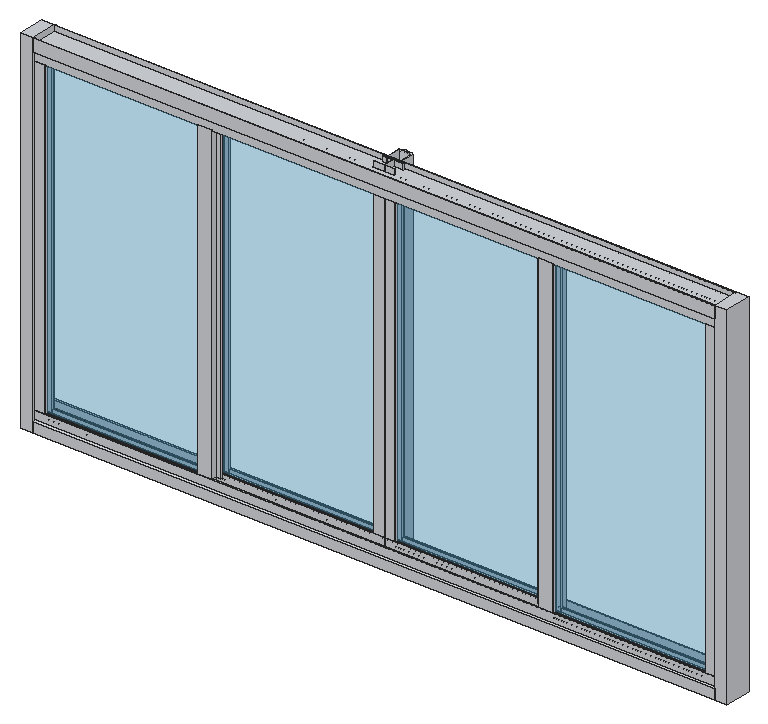
Revit family "MT-VMS_DB-SG_OXXO", category Windows, host Wall, Revit 2017 (continued)
Definition of nested family "VMS_DB-SG_OXXO_101mm"
  Definition of nested family "VMS_DB-SG_GLAZED PANEL"
    Definition of nested family "VMS_V3_SGL_FINE"
      Lines and regions (mm)
        model lines, in view "Ref. Level"
          curve 74: arc (6.2, -1.5, 0) -> (6.288, -1.288, 0) -> (6.5, -1.2, 0) r 0.3
          curve 75: arc (12.312, -1.2, 0) -> (12.453, -1.259, 0) -> (12.512, -1.4, 0) r 0.2
          curve 76: arc (12.512, -25.5, 0) -> (12.453, -25.641, 0) -> (12.312, -25.7, 0) r 0.2
          curve 77: line (14.914, -23.65, 0) -> (23.214, -23.65, 0)
          curve 78: line (23.214, -23.65, 0) -> (25.029, -24.136, 0)
          curve 79: line (25.029, -24.136, 0) -> (27.114, -24.15, 0)
          curve 80: line (27.914, -23.35, 0) -> (27.914, -20.411, 0)
          curve 81: line (27.641, -20.031, 0) -> (26.677, -19.71, 0)
          curve 82: line (26.414, -19.9, 0) -> (26.414, -20.123, 0)
          curve 83: line (26.414, -20.123, 0) -> (25.177, -19.71, 0)
          curve 84: line (24.914, -19.9, 0) -> (24.914, -20.123, 0)
          curve 85: line (24.914, -20.123, 0) -> (23.677, -19.71, 0)
          curve 86: line (23.414, -19.9, 0) -> (23.414, -20.123, 0)
          curve 87: line (23.414, -20.123, 0) -> (22.177, -19.71, 0)
          curve 88: line (21.914, -19.9, 0) -> (21.914, -20.538, 0)
          curve 89: line (22.119, -20.822, 0) -> (23.009, -21.119, 0)
          curve 90: line (23.214, -21.404, 0) -> (23.214, -22.15, 0)
          curve 91: line (22.914, -22.45, 0) -> (14.214, -22.45, 0)
          curve 92: line (13.914, -22.15, 0) -> (13.914, -14.116, 0)
          curve 93: line (13.797, -13.833, 0) -> (13.414, -13.45, 0)
          curve 94: line (13.414, -13.45, 0) -> (13.797, -13.067, 0)
          curve 95: line (13.914, -12.784, 0) -> (13.914, -2.069, 0)
          curve 96: line (26.414, -1.879, 0) -> (26.414, -5.1, 0)
          curve 97: line (26.114, -5.4, 0) -> (24.2, -5.4, 0)
          curve 98: line (24.2, -5.4, 0) -> (22.119, -6.078, 0)
          curve 99: line (21.914, -6.362, 0) -> (21.914, -7, 0)
          curve 100: line (22.177, -7.19, 0) -> (23.414, -6.777, 0)
          curve 101: line (23.414, -6.777, 0) -> (23.414, -7, 0)
          curve 102: line (23.677, -7.19, 0) -> (24.914, -6.777, 0)
          curve 103: line (24.914, -6.777, 0) -> (24.914, -7, 0)
          curve 104: line (25.177, -7.19, 0) -> (26.414, -6.777, 0)
          curve 105: line (26.414, -6.777, 0) -> (26.414, -7, 0)
          curve 106: line (26.677, -7.19, 0) -> (27.641, -6.869, 0)
          curve 107: line (27.914, -6.489, 0) -> (27.914, -0.8, 0)
          curve 108: line (27.114, 0, 0) -> (25.737, 0, 0)
          curve 109: line (13.681, 0, 0) -> (0.5, 0, 0)
          curve 110: line (0, -0.5, 0) -> (0, -3, 0)
          curve 111: line (0.3, -3.3, 0) -> (0.9, -3.3, 0)
          curve 112: line (1.2, -3, 0) -> (1.2, -1.5, 0)
          curve 113: line (1.5, -1.2, 0) -> (4.7, -1.2, 0)
          curve 114: line (5, -1.5, 0) -> (5, -10.176, 0)
          curve 115: line (4.7, -10.476, 0) -> (3.6, -10.476, 0)
          curve 116: line (3.3, -10.176, 0) -> (3.3, -9.692, 0)
          curve 117: line (3, -9.392, 0) -> (1.5, -9.392, 0)
          curve 118: line (1.2, -9.092, 0) -> (1.2, -7.692, 0)
          curve 119: line (0.9, -7.392, 0) -> (0.3, -7.392, 0)
          curve 120: line (0, -7.692, 0) -> (0, -11.552, 0)
          curve 121: line (0.8, -11.552, 0) -> (0.8, -10.452, 0)
          curve 122: line (0.8, -10.452, 0) -> (2.1, -10.452, 0)
          curve 123: line (2.1, -10.452, 0) -> (2.1, -11.652, 0)
          curve 124: line (2.4, -11.952, 0) -> (2.776, -11.952, 0)
          curve 125: line (2.776, -11.952, 0) -> (2.776, -14.952, 0)
          curve 126: line (2.776, -14.952, 0) -> (2.4, -14.952, 0)
          curve 127: line (2.1, -15.252, 0) -> (2.1, -16.452, 0)
          curve 128: line (2.1, -16.452, 0) -> (0.8, -16.452, 0)
          curve 129: line (0.8, -16.452, 0) -> (0.8, -15.352, 0)
          curve 130: line (0, -15.352, 0) -> (0, -19.208, 0)
          curve 131: line (0.3, -19.508, 0) -> (0.9, -19.508, 0)
          curve 132: line (1.2, -19.208, 0) -> (1.2, -17.808, 0)
          curve 133: line (1.5, -17.508, 0) -> (3, -17.508, 0)
          curve 134: line (3.3, -17.208, 0) -> (3.3, -16.724, 0)
          curve 135: line (3.6, -16.424, 0) -> (4.7, -16.424, 0)
          curve 136: line (5, -16.724, 0) -> (5, -23.3, 0)
          curve 137: line (4.7, -23.6, 0) -> (0.3, -23.6, 0)
          curve 138: line (0, -23.9, 0) -> (0, -26.4, 0)
          curve 139: line (0.5, -26.9, 0) -> (2.102, -26.9, 0)
          curve 140: line (2.102, -26.1, 0) -> (1.002, -26.1, 0)
          curve 141: line (1.002, -26.1, 0) -> (1.002, -24.8, 0)
          curve 142: line (1.002, -24.8, 0) -> (7.002, -24.8, 0)
          curve 143: line (7.002, -24.8, 0) -> (7.002, -26.1, 0)
          curve 144: line (7.002, -26.1, 0) -> (5.902, -26.1, 0)
          curve 145: line (5.902, -26.9, 0) -> (21, -26.9, 0)
          curve 146: line (21.039, -26.102, 0) -> (14.365, -25.441, 0)
          curve 147: line (13.914, -24.944, 0) -> (13.914, -24.65, 0)
          curve 148: line (8.2, -25.5, 0) -> (8.2, -23.8, 0)
          curve 149: line (8, -23.6, 0) -> (6.5, -23.6, 0)
          curve 150: line (6.2, -23.3, 0) -> (6.2, -16.639, 0)
          curve 151: line (7.426, -15.746, 0) -> (7.426, -14.908, 0)
          curve 152: line (6.06, -14.904, 0) -> (5.6, -15.324, 0)
          curve 153: line (5.6, -15.324, 0) -> (5.14, -14.904, 0)
          curve 154: line (4.529, -14.535, 0) -> (3.976, -14.387, 0)
          curve 155: line (3.976, -14.387, 0) -> (4.124, -13.835, 0)
          curve 156: line (4.124, -13.065, 0) -> (3.976, -12.513, 0)
          curve 157: line (3.976, -12.513, 0) -> (4.529, -12.365, 0)
          curve 158: line (5.14, -11.996, 0) -> (5.6, -11.576, 0)
          curve 159: line (5.6, -11.576, 0) -> (6.06, -11.996, 0)
          curve 160: line (7.426, -11.992, 0) -> (7.426, -11.154, 0)
          curve 161: line (6.2, -10.261, 0) -> (6.2, -1.5, 0)
          curve 162: line (6.5, -1.2, 0) -> (12.312, -1.2, 0)
          curve 163: line (12.512, -1.4, 0) -> (12.512, -25.5, 0)
          curve 164: line (12.312, -25.7, 0) -> (8.4, -25.7, 0)
    Definition of nested family "VMS_V3_SGL_MEDIUM"
      Reference planes
        plane 1 "Center (Front/Back)": y = 0
        plane 2: z = 0
        plane 3 "Center (Left/Right)": x = 0
      Lines and regions (mm)
        model lines, in view "Ref. Level"
          curve 1: line (13.914, -23.65, 0) -> (27.914, -23.65, 0)
          curve 2: line (27.914, -23.65, 0) -> (27.914, -22.45, 0)
          curve 3: line (27.914, -22.45, 0) -> (13.914, -22.45, 0)
          curve 4: line (13.914, -22.45, 0) -> (13.914, -1.2, 0)
          curve 5: line (26.414, -1.2, 0) -> (26.414, -5.1, 0)
          curve 6: line (27.914, -6.489, 0) -> (27.914, 0, 0)
          curve 7: line (27.914, 0, 0) -> (0, 0, 0)
          curve 8: line (1.002, -1.2, 0) -> (4.73, -1.2, 0)
          curve 9: line (0, 0, 0) -> (0, -26.9, 0)
          curve 10: line (1.002, -25.7, 0) -> (1.002, -1.2, 0)
          curve 11: line (0, -26.9, 0) -> (21.039, -26.9, 0)
          curve 12: line (21.039, -26.102, 0) -> (13.914, -25.397, 0)
          curve 13: line (13.914, -25.397, 0) -> (13.914, -23.65, 0)
          curve 14: line (13.914, -1.2, 0) -> (26.414, -1.2, 0)
          curve 15: line (12.512, -1.2, 0) -> (12.512, -25.7, 0)
          curve 16: line (12.512, -25.7, 0) -> (6.132, -25.7, 0)
          curve 23: line (6.132, -1.2, 0) -> (12.512, -1.2, 0)
          curve 24: line (4.73, -25.7, 0) -> (1.002, -25.7, 0)
        detail lines, in view "Ref. Level"
          curve 17: line (21.039, -26.102, 0) -> (21.039, -26.9, 0)
          curve 18: line (27.914, -6.489, 0) -> (21.583, -6.489, 0)
          curve 19: line (26.414, -5.1, 0) -> (21.583, -5.1, 0)
          curve 20: line (21.583, -6.489, 0) -> (21.583, -5.1, 0)
          curve 21: line (6.132, -25.7, 0) -> (6.132, -1.2, 0)
          curve 22: line (4.73, -1.2, 0) -> (4.73, -25.7, 0)
    Definition of nested family "VMS_VM64_SILL DETAIL_FINE"
      Reference planes
        plane 1 "Center (Front/Back)": y = 0
        plane 2: z = 0
        plane 3 "Center (Left/Right)": x = 0
      Lines and regions (mm)
        model lines, in view "Ref. Level"
          curve 1: arc (4.124, -13.835, 0) -> (4.075, -13.45, 0) -> (4.124, -13.065, 0) r 1.525
          curve 2: arc (4.529, -12.365, 0) -> (4.813, -12.144, 0) -> (5.14, -11.996, 0) r 1.525
          curve 3: arc (6.06, -11.996, 0) -> (6.369, -12.133, 0) -> (6.64, -12.334, 0) r 1.525
          curve 4: arc (6.64, -12.334, 0) -> (7.145, -12.421, 0) -> (7.426, -11.992, 0) r 0.468
          curve 5: arc (7.426, -11.154, 0) -> (7.404, -11.062, 0) -> (7.342, -10.991, 0) r 0.2
          curve 6: arc (7.342, -10.991, 0) -> (6.899, -10.731, 0) -> (6.419, -10.55, 0) r 3.014
          curve 7: arc (6.419, -10.55, 0) -> (6.261, -10.442, 0) -> (6.2, -10.261, 0) r 0.3
          curve 8: arc (6.2, -1.5, 0) -> (6.288, -1.288, 0) -> (6.5, -1.2, 0) r 0.3
          curve 9: arc (12.312, -1.2, 0) -> (12.453, -1.259, 0) -> (12.512, -1.4, 0) r 0.2
          curve 10: arc (12.512, -25.5, 0) -> (12.453, -25.641, 0) -> (12.312, -25.7, 0) r 0.2
          curve 11: arc (8.4, -25.7, 0) -> (8.259, -25.641, 0) -> (8.2, -25.5, 0) r 0.2
          curve 12: arc (8.2, -23.8, 0) -> (8.141, -23.659, 0) -> (8, -23.6, 0) r 0.2
          curve 13: arc (6.5, -23.6, 0) -> (6.288, -23.512, 0) -> (6.2, -23.3, 0) r 0.3
          curve 14: arc (6.2, -16.639, 0) -> (6.261, -16.458, 0) -> (6.419, -16.35, 0) r 0.3
          curve 15: arc (6.419, -16.35, 0) -> (6.899, -16.169, 0) -> (7.342, -15.909, 0) r 3.014
          curve 16: arc (7.342, -15.909, 0) -> (7.404, -15.838, 0) -> (7.426, -15.746, 0) r 0.2
          curve 17: arc (7.426, -14.908, 0) -> (7.145, -14.479, 0) -> (6.64, -14.566, 0) r 0.468
          curve 18: arc (6.64, -14.566, 0) -> (6.369, -14.767, 0) -> (6.06, -14.904, 0) r 1.525
          curve 19: arc (5.14, -14.904, 0) -> (4.813, -14.756, 0) -> (4.529, -14.535, 0) r 1.525
          curve 20: arc (2.1, -11.652, 0) -> (2.188, -11.864, 0) -> (2.4, -11.952, 0) r 0.3
          curve 21: arc (2.4, -14.952, 0) -> (2.188, -15.04, 0) -> (2.1, -15.252, 0) r 0.3
          curve 22: arc (0.8, -15.352, 0) -> (0.4, -14.952, 0) -> (0, -15.352, 0) r 0.4
          curve 23: arc (0, -19.208, 0) -> (0.088, -19.42, 0) -> (0.3, -19.508, 0) r 0.3
          curve 24: arc (0.9, -19.508, 0) -> (1.112, -19.42, 0) -> (1.2, -19.208, 0) r 0.3
          curve 25: arc (1.2, -17.808, 0) -> (1.288, -17.596, 0) -> (1.5, -17.508, 0) r 0.3
          curve 26: arc (3, -17.508, 0) -> (3.212, -17.42, 0) -> (3.3, -17.208, 0) r 0.3
          curve 27: arc (3.3, -16.724, 0) -> (3.388, -16.512, 0) -> (3.6, -16.424, 0) r 0.3
          curve 28: arc (4.7, -16.424, 0) -> (4.912, -16.512, 0) -> (5, -16.724, 0) r 0.3
          curve 29: arc (5, -23.3, 0) -> (4.912, -23.512, 0) -> (4.7, -23.6, 0) r 0.3
          curve 30: arc (0.3, -23.6, 0) -> (0.088, -23.688, 0) -> (0, -23.9, 0) r 0.3
          curve 31: arc (0, -26.4, 0) -> (0.146, -26.753, 0) -> (0.5, -26.9, 0) r 0.5
          curve 32: arc (2.102, -26.9, 0) -> (2.502, -26.5, 0) -> (2.102, -26.1, 0) r 0.4
          curve 33: arc (5.902, -26.1, 0) -> (5.502, -26.5, 0) -> (5.902, -26.9, 0) r 0.4
          curve 34: arc (19.253, -26.9, 0) -> (19.6, -26.57, 0) -> (19.287, -26.207, 0) r 0.347
          curve 35: arc (16.352, -25.917, 0) -> (16.099, -25.719, 0) -> (16.17, -25.406, 0) r 0.3
          curve 36: arc (16.838, -24.738, 0) -> (16.935, -24.673, 0) -> (17.05, -24.65, 0) r 0.3
          curve 37: arc (27.288, -24.95, 0) -> (27.906, -24.424, 0) -> (27.486, -23.73, 0) r 0.626
          curve 38: arc (26.677, -23.46, 0) -> (26.497, -23.488, 0) -> (26.414, -23.65, 0) r 0.2
          curve 39: arc (25.177, -23.46, 0) -> (24.997, -23.488, 0) -> (24.914, -23.65, 0) r 0.2
          curve 40: arc (23.677, -23.46, 0) -> (23.497, -23.488, 0) -> (23.414, -23.65, 0) r 0.2
          curve 41: arc (16.553, -23.45, 0) -> (16.438, -23.473, 0) -> (16.341, -23.538, 0) r 0.3
          curve 42: arc (14.426, -25.452, 0) -> (14.099, -25.517, 0) -> (13.914, -25.24, 0) r 0.3
          curve 43: arc (13.914, -14.116, 0) -> (13.884, -13.963, 0) -> (13.797, -13.833, 0) r 0.4
          curve 44: arc (13.797, -13.067, 0) -> (13.884, -12.937, 0) -> (13.914, -12.784, 0) r 0.4
          curve 45: arc (13.914, -2.069, 0) -> (14.079, -1.801, 0) -> (14.392, -1.827, 0) r 0.3
          curve 46: arc (14.392, -1.827, 0) -> (18.05, -3.074, 0) -> (21.914, -2.976, 0) r 10.984
          curve 47: arc (21.914, -3.233, 0) -> (22.026, -3.412, 0) -> (22.236, -3.391, 0) r 0.2
          curve 48: arc (23.092, -2.731, 0) -> (23.302, -2.71, 0) -> (23.414, -2.889, 0) r 0.2
          curve 49: arc (23.414, -3.233, 0) -> (23.526, -3.412, 0) -> (23.736, -3.391, 0) r 0.2
          curve 50: arc (24.592, -2.731, 0) -> (24.802, -2.71, 0) -> (24.914, -2.889, 0) r 0.2
          curve 51: arc (24.914, -3.233, 0) -> (25.026, -3.412, 0) -> (25.236, -3.391, 0) r 0.2
          curve 52: arc (26.092, -2.731, 0) -> (26.302, -2.71, 0) -> (26.414, -2.889, 0) r 0.2
          curve 53: arc (26.414, -3.233, 0) -> (26.496, -3.394, 0) -> (26.674, -3.423, 0) r 0.2
          curve 54: arc (27.634, -3.121, 0) -> (27.837, -2.976, 0) -> (27.914, -2.739, 0) r 0.4
          curve 55: arc (27.914, -0.8, 0) -> (27.68, -0.234, 0) -> (27.114, 0, 0) r 0.8
          curve 56: arc (25.737, 0, 0) -> (25.642, -0.015, 0) -> (25.558, -0.06, 0) r 0.3
          curve 57: arc (25.558, -0.06, 0) -> (19.709, -2, 0) -> (13.86, -0.06, 0) r 9.784
          curve 58: arc (13.86, -0.06, 0) -> (13.776, -0.015, 0) -> (13.681, 0, 0) r 0.3
          curve 59: arc (0.5, 0, 0) -> (0.146, -0.146, 0) -> (0, -0.5, 0) r 0.5
          curve 60: arc (0, -3, 0) -> (0.088, -3.212, 0) -> (0.3, -3.3, 0) r 0.3
          curve 61: arc (0.9, -3.3, 0) -> (1.112, -3.212, 0) -> (1.2, -3, 0) r 0.3
          curve 62: arc (1.2, -1.5, 0) -> (1.288, -1.288, 0) -> (1.5, -1.2, 0) r 0.3
          curve 63: arc (4.7, -1.2, 0) -> (4.912, -1.288, 0) -> (5, -1.5, 0) r 0.3
          curve 64: arc (5, -10.176, 0) -> (4.912, -10.388, 0) -> (4.7, -10.476, 0) r 0.3
          curve 65: arc (3.6, -10.476, 0) -> (3.388, -10.388, 0) -> (3.3, -10.176, 0) r 0.3
          curve 66: arc (3.3, -9.692, 0) -> (3.212, -9.48, 0) -> (3, -9.392, 0) r 0.3
          curve 67: arc (1.5, -9.392, 0) -> (1.288, -9.304, 0) -> (1.2, -9.092, 0) r 0.3
          curve 68: arc (1.2, -7.692, 0) -> (1.112, -7.48, 0) -> (0.9, -7.392, 0) r 0.3
          curve 69: arc (0.3, -7.392, 0) -> (0.088, -7.48, 0) -> (0, -7.692, 0) r 0.3
          curve 70: arc (0, -11.552, 0) -> (0.4, -11.952, 0) -> (0.8, -11.552, 0) r 0.4
          curve 71: line (4.529, -14.535, 0) -> (3.976, -14.387, 0)
          curve 72: line (3.976, -14.387, 0) -> (4.124, -13.835, 0)
          curve 73: line (4.124, -13.065, 0) -> (3.976, -12.513, 0)
          curve 74: line (3.976, -12.513, 0) -> (4.529, -12.365, 0)
          curve 75: line (5.14, -11.996, 0) -> (5.6, -11.576, 0)
          curve 76: line (5.6, -11.576, 0) -> (6.06, -11.996, 0)
          curve 77: line (7.426, -11.992, 0) -> (7.426, -11.154, 0)
          curve 78: line (6.2, -10.261, 0) -> (6.2, -1.5, 0)
          curve 79: line (6.5, -1.2, 0) -> (12.312, -1.2, 0)
          curve 80: line (12.512, -1.4, 0) -> (12.512, -25.5, 0)
          curve 81: line (12.312, -25.7, 0) -> (8.4, -25.7, 0)
          curve 82: line (8.2, -25.5, 0) -> (8.2, -23.8, 0)
          curve 83: line (8, -23.6, 0) -> (6.5, -23.6, 0)
          curve 84: line (6.2, -23.3, 0) -> (6.2, -16.639, 0)
          curve 85: line (7.426, -15.746, 0) -> (7.426, -14.908, 0)
          curve 86: line (6.06, -14.904, 0) -> (5.6, -15.324, 0)
          curve 87: line (5.6, -15.324, 0) -> (5.14, -14.904, 0)
          curve 88: line (2.4, -11.952, 0) -> (2.776, -11.952, 0)
          curve 89: line (2.776, -11.952, 0) -> (2.776, -14.952, 0)
          curve 90: line (2.776, -14.952, 0) -> (2.4, -14.952, 0)
          curve 91: line (2.1, -15.252, 0) -> (2.1, -16.452, 0)
          curve 92: line (2.1, -16.452, 0) -> (0.8, -16.452, 0)
          curve 93: line (0.8, -16.452, 0) -> (0.8, -15.352, 0)
          curve 94: line (0, -15.352, 0) -> (0, -19.208, 0)
          curve 95: line (0.3, -19.508, 0) -> (0.9, -19.508, 0)
          curve 96: line (1.2, -19.208, 0) -> (1.2, -17.808, 0)
          curve 97: line (1.5, -17.508, 0) -> (3, -17.508, 0)
          curve 98: line (3.3, -17.208, 0) -> (3.3, -16.724, 0)
          curve 99: line (3.6, -16.424, 0) -> (4.7, -16.424, 0)
          curve 100: line (5, -16.724, 0) -> (5, -23.3, 0)
          curve 101: line (4.7, -23.6, 0) -> (0.3, -23.6, 0)
          curve 102: line (0, -23.9, 0) -> (0, -26.4, 0)
          curve 103: line (0.5, -26.9, 0) -> (2.102, -26.9, 0)
          curve 104: line (2.102, -26.1, 0) -> (1.202, -26.1, 0)
          curve 105: line (1.202, -26.1, 0) -> (1.202, -24.8, 0)
          curve 106: line (1.202, -24.8, 0) -> (6.802, -24.8, 0)
          curve 107: line (6.802, -24.8, 0) -> (6.802, -26.1, 0)
          curve 108: line (6.802, -26.1, 0) -> (5.902, -26.1, 0)
          curve 109: line (5.902, -26.9, 0) -> (19.253, -26.9, 0)
          curve 110: line (19.287, -26.207, 0) -> (16.352, -25.917, 0)
          curve 111: line (16.17, -25.406, 0) -> (16.838, -24.738, 0)
          curve 112: line (17.05, -24.65, 0) -> (22.146, -24.65, 0)
          curve 113: line (22.146, -24.65, 0) -> (23.924, -24.95, 0)
          curve 114: line (23.924, -24.95, 0) -> (27.288, -24.95, 0)
          curve 115: line (27.486, -23.73, 0) -> (26.677, -23.46, 0)
          curve 116: line (26.414, -23.65, 0) -> (26.414, -23.872, 0)
          curve 117: line (26.414, -23.872, 0) -> (25.177, -23.46, 0)
          curve 118: line (24.914, -23.65, 0) -> (24.914, -23.872, 0)
          curve 119: line (24.914, -23.872, 0) -> (23.677, -23.46, 0)
          curve 120: line (23.414, -23.761, 0) -> (22.146, -23.45, 0)
          curve 121: line (22.146, -23.45, 0) -> (16.553, -23.45, 0)
          curve 122: line (16.341, -23.538, 0) -> (14.426, -25.452, 0)
          curve 123: line (13.914, -25.24, 0) -> (13.914, -14.116, 0)
          curve 124: line (13.797, -13.833, 0) -> (13.414, -13.45, 0)
          curve 125: line (13.414, -13.45, 0) -> (13.797, -13.067, 0)
          curve 126: line (13.914, -12.784, 0) -> (13.914, -2.069, 0)
          curve 127: line (21.914, -2.976, 0) -> (21.914, -3.233, 0)
          curve 128: line (22.236, -3.391, 0) -> (23.092, -2.731, 0)
          curve 129: line (23.414, -2.889, 0) -> (23.414, -3.233, 0)
          curve 130: line (23.736, -3.391, 0) -> (24.592, -2.731, 0)
          curve 131: line (24.914, -2.889, 0) -> (24.914, -3.233, 0)
          curve 132: line (25.236, -3.391, 0) -> (26.092, -2.731, 0)
          curve 133: line (26.414, -2.889, 0) -> (26.414, -3.233, 0)
          curve 134: line (26.674, -3.423, 0) -> (27.634, -3.121, 0)
          curve 135: line (27.914, -2.739, 0) -> (27.914, -0.8, 0)
          curve 136: line (27.114, 0, 0) -> (25.737, 0, 0)
          curve 137: line (13.681, 0, 0) -> (0.5, 0, 0)
          curve 138: line (0, -0.5, 0) -> (0, -3, 0)
          curve 139: line (0.3, -3.3, 0) -> (0.9, -3.3, 0)
          curve 140: line (1.2, -3, 0) -> (1.2, -1.5, 0)
          curve 141: line (1.5, -1.2, 0) -> (4.7, -1.2, 0)
          curve 142: line (5, -1.5, 0) -> (5, -10.176, 0)
          curve 143: line (4.7, -10.476, 0) -> (3.6, -10.476, 0)
          curve 144: line (3.3, -10.176, 0) -> (3.3, -9.692, 0)
          curve 145: line (3, -9.392, 0) -> (1.5, -9.392, 0)
          curve 146: line (1.2, -9.092, 0) -> (1.2, -7.692, 0)
          curve 147: line (0.9, -7.392, 0) -> (0.3, -7.392, 0)
          curve 148: line (0, -7.692, 0) -> (0, -11.552, 0)
          curve 149: line (0.8, -11.552, 0) -> (0.8, -10.452, 0)
          curve 150: line (0.8, -10.452, 0) -> (2.1, -10.452, 0)
          curve 151: line (2.1, -10.452, 0) -> (2.1, -11.652, 0)
    Definition of nested family "VMS_VM64_SILL DETAIL_MEDIUM"
      Reference planes
        plane 1 "Center (Front/Back)": y = 0
        plane 2: z = 0
        plane 3 "Center (Left/Right)": x = 0
      Lines and regions (mm)
        model lines, in view "Ref. Level"
          curve 1: line (1.202, -1.2, 0) -> (5, -1.2, 0)
          curve 2: line (12.512, -1.2, 0) -> (12.512, -25.7, 0)
          curve 3: line (12.512, -25.7, 0) -> (6.2, -25.7, 0)
          curve 4: line (6.2, -25.7, 0) -> (6.2, -1.2, 0)
          curve 5: line (5, -1.2, 0) -> (5, -25.7, 0)
          curve 6: line (0, 0, 0) -> (0, -26.9, 0)
          curve 7: line (1.202, -25.7, 0) -> (1.202, -1.2, 0)
          curve 8: line (0, -26.9, 0) -> (19.287, -26.9, 0)
          curve 9: line (19.287, -26.207, 0) -> (15.721, -25.854, 0)
          curve 10: line (15.721, -25.854, 0) -> (16.926, -24.65, 0)
          curve 11: line (16.926, -24.65, 0) -> (27.914, -24.65, 0)
          curve 12: line (27.914, -23.45, 0) -> (16.429, -23.45, 0)
          curve 13: line (16.429, -23.45, 0) -> (13.914, -25.965, 0)
          curve 14: line (13.914, -25.965, 0) -> (13.914, -1.2, 0)
          curve 15: line (27.914, -24.65, 0) -> (27.914, -23.45, 0)
          curve 16: line (27.914, 0, 0) -> (0, 0, 0)
          curve 18: line (6.2, -1.2, 0) -> (12.512, -1.2, 0)
          curve 19: line (5, -25.7, 0) -> (1.202, -25.7, 0)
          curve 20: line (27.914, -1.2, 0) -> (27.914, 0, 0)
          curve 21: line (13.914, -1.2, 0) -> (27.914, -1.2, 0)
        detail lines, in view "Ref. Level"
          curve 17: line (19.287, -26.207, 0) -> (19.287, -26.9, 0)
    Definition of nested family "VMS_VM5_SILL DETAIL_FINE"
      Reference planes
        plane 1 "Center (Front/Back)": y = 0
        plane 2: z = 0
        plane 3 "Center (Left/Right)": x = 0
      Lines and regions (mm)
        model lines, in view "Ref. Level"
          curve 1: arc (26.9, 5.9, 0) -> (26.783, 5.617, 0) -> (26.5, 5.5, 0) r 0.4
          curve 2: arc (26.5, 5.5, 0) -> (26.217, 5.617, 0) -> (26.1, 5.9, 0) r 0.4
          curve 3: arc (26.1, 2.1, 0) -> (26.217, 2.383, 0) -> (26.5, 2.5, 0) r 0.4
          curve 4: arc (26.5, 2.5, 0) -> (26.783, 2.383, 0) -> (26.9, 2.1, 0) r 0.4
          curve 5: arc (26.9, 0.5, 0) -> (26.754, 0.146, 0) -> (26.4, 0, 0) r 0.5
          curve 6: arc (23.9, 0, 0) -> (23.688, 0.088, 0) -> (23.6, 0.3, 0) r 0.3
          curve 7: arc (23.6, 4.7, 0) -> (23.512, 4.912, 0) -> (23.3, 5, 0) r 0.3
          curve 8: arc (16.724, 5, 0) -> (16.512, 4.912, 0) -> (16.424, 4.7, 0) r 0.3
          curve 9: arc (16.424, 3.6, 0) -> (16.512, 3.388, 0) -> (16.724, 3.3, 0) r 0.3
          curve 10: arc (17.208, 3.3, 0) -> (17.42, 3.212, 0) -> (17.508, 3, 0) r 0.3
          curve 11: arc (17.508, 1.5, 0) -> (17.596, 1.288, 0) -> (17.808, 1.2, 0) r 0.3
          curve 12: arc (19.208, 1.2, 0) -> (19.42, 1.112, 0) -> (19.508, 0.9, 0) r 0.3
          curve 13: arc (19.508, 0.3, 0) -> (19.42, 0.088, 0) -> (19.208, 0, 0) r 0.3
          curve 14: arc (15.348, 0, 0) -> (14.948, 0.4, 0) -> (15.348, 0.8, 0) r 0.4
          curve 15: arc (15.248, 2.1, 0) -> (15.036, 2.188, 0) -> (14.948, 2.4, 0) r 0.3
          curve 16: arc (11.948, 2.4, 0) -> (11.86, 2.188, 0) -> (11.648, 2.1, 0) r 0.3
          curve 17: arc (11.548, 0.8, 0) -> (11.948, 0.4, 0) -> (11.548, 0, 0) r 0.4
          curve 18: arc (7.692, 0, 0) -> (7.48, 0.088, 0) -> (7.392, 0.3, 0) r 0.3
          curve 19: arc (7.392, 0.9, 0) -> (7.48, 1.112, 0) -> (7.692, 1.2, 0) r 0.3
          curve 20: arc (9.092, 1.2, 0) -> (9.304, 1.288, 0) -> (9.392, 1.5, 0) r 0.3
          curve 21: arc (9.392, 3, 0) -> (9.48, 3.212, 0) -> (9.692, 3.3, 0) r 0.3
          curve 22: arc (10.176, 3.3, 0) -> (10.388, 3.388, 0) -> (10.476, 3.6, 0) r 0.3
          curve 23: arc (10.476, 4.7, 0) -> (10.388, 4.912, 0) -> (10.176, 5, 0) r 0.3
          curve 24: arc (3.6, 5, 0) -> (3.388, 4.912, 0) -> (3.3, 4.7, 0) r 0.3
          curve 25: arc (3.3, 0.3, 0) -> (3.212, 0.088, 0) -> (3, 0, 0) r 0.3
          curve 26: arc (0.5, 0, 0) -> (0.146, 0.146, 0) -> (0, 0.5, 0) r 0.5
          curve 27: arc (0, 2.1, 0) -> (0.117, 2.383, 0) -> (0.4, 2.5, 0) r 0.4
          curve 28: arc (0.4, 2.5, 0) -> (0.683, 2.383, 0) -> (0.8, 2.1, 0) r 0.4
          curve 29: arc (0.8, 5.9, 0) -> (0.683, 5.617, 0) -> (0.4, 5.5, 0) r 0.4
          curve 30: arc (0.4, 5.5, 0) -> (0.117, 5.617, 0) -> (0, 5.9, 0) r 0.4
          curve 31: arc (0, 13.679, 0) -> (0.015, 13.774, 0) -> (0.06, 13.858, 0) r 0.3
          curve 32: arc (0.06, 13.858, 0) -> (2, 19.707, 0) -> (0.06, 25.556, 0) r 9.784
          curve 33: arc (0.06, 25.556, 0) -> (0.015, 25.64, 0) -> (0, 25.735, 0) r 0.3
          curve 34: arc (0, 27.112, 0) -> (0.234, 27.678, 0) -> (0.8, 27.912, 0) r 0.8
          curve 35: arc (6.489, 27.912, 0) -> (6.723, 27.837, 0) -> (6.869, 27.639, 0) r 0.4
          curve 36: arc (7.19, 26.675, 0) -> (7.162, 26.495, 0) -> (7, 26.412, 0) r 0.2
          curve 37: arc (7.19, 25.175, 0) -> (7.162, 24.995, 0) -> (7, 24.912, 0) r 0.2
          curve 38: arc (7.19, 23.675, 0) -> (7.162, 23.495, 0) -> (7, 23.412, 0) r 0.2
          curve 39: arc (7.19, 22.175, 0) -> (7.162, 21.995, 0) -> (7, 21.912, 0) r 0.2
          curve 40: arc (6.362, 21.912, 0) -> (6.187, 21.969, 0) -> (6.078, 22.117, 0) r 0.3
          curve 41: arc (5.4, 26.112, 0) -> (5.312, 26.324, 0) -> (5.1, 26.412, 0) r 0.3
          curve 42: arc (1.879, 26.412, 0) -> (1.441, 26.152, 0) -> (1.459, 25.642, 0) r 0.5
          curve 43: arc (1.459, 25.642, 0) -> (3.194, 20.067, 0) -> (1.827, 14.39, 0) r 10.984
          curve 44: arc (1.827, 14.39, 0) -> (1.801, 14.077, 0) -> (2.069, 13.912, 0) r 0.3
          curve 45: arc (12.784, 13.912, 0) -> (12.937, 13.882, 0) -> (13.067, 13.795, 0) r 0.4
          curve 46: arc (13.833, 13.795, 0) -> (13.963, 13.882, 0) -> (14.116, 13.912, 0) r 0.4
          curve 47: arc (24.831, 13.912, 0) -> (25.099, 14.077, 0) -> (25.073, 14.39, 0) r 0.3
          curve 48: arc (25.073, 14.39, 0) -> (23.706, 20.067, 0) -> (25.441, 25.642, 0) r 10.984
          curve 49: arc (25.441, 25.642, 0) -> (25.459, 26.152, 0) -> (25.021, 26.412, 0) r 0.5
          curve 50: arc (21.8, 26.412, 0) -> (21.588, 26.324, 0) -> (21.5, 26.112, 0) r 0.3
          curve 51: arc (20.822, 22.117, 0) -> (20.713, 21.969, 0) -> (20.538, 21.912, 0) r 0.3
          curve 52: arc (19.9, 21.912, 0) -> (19.738, 21.995, 0) -> (19.71, 22.175, 0) r 0.2
          curve 53: arc (19.9, 23.412, 0) -> (19.738, 23.495, 0) -> (19.71, 23.675, 0) r 0.2
          curve 54: arc (19.9, 24.912, 0) -> (19.738, 24.995, 0) -> (19.71, 25.175, 0) r 0.2
          curve 55: arc (19.9, 26.412, 0) -> (19.738, 26.495, 0) -> (19.71, 26.675, 0) r 0.2
          curve 56: arc (20.031, 27.639, 0) -> (20.177, 27.837, 0) -> (20.411, 27.912, 0) r 0.4
          curve 57: arc (26.1, 27.912, 0) -> (26.666, 27.678, 0) -> (26.9, 27.112, 0) r 0.8
          curve 58: arc (26.9, 25.735, 0) -> (26.885, 25.64, 0) -> (26.84, 25.556, 0) r 0.3
          curve 59: arc (26.84, 25.556, 0) -> (24.9, 19.707, 0) -> (26.84, 13.858, 0) r 9.784
          curve 60: arc (26.84, 13.858, 0) -> (26.885, 13.774, 0) -> (26.9, 13.679, 0) r 0.3
          curve 61: arc (10.55, 6.419, 0) -> (10.731, 6.899, 0) -> (10.991, 7.342, 0) r 3.014
          curve 62: arc (10.991, 7.342, 0) -> (11.062, 7.404, 0) -> (11.154, 7.426, 0) r 0.2
          curve 63: arc (11.992, 7.426, 0) -> (12.421, 7.145, 0) -> (12.334, 6.64, 0) r 0.468
          curve 64: arc (12.334, 6.64, 0) -> (12.133, 6.369, 0) -> (11.996, 6.06, 0) r 1.525
          curve 65: arc (11.996, 5.14, 0) -> (12.144, 4.813, 0) -> (12.365, 4.529, 0) r 1.525
          curve 66: arc (13.065, 4.124, 0) -> (13.45, 4.075, 0) -> (13.835, 4.124, 0) r 1.525
          curve 67: arc (14.535, 4.529, 0) -> (14.756, 4.813, 0) -> (14.904, 5.14, 0) r 1.525
          curve 68: arc (14.904, 6.06, 0) -> (14.767, 6.369, 0) -> (14.566, 6.64, 0) r 1.525
          curve 69: arc (14.566, 6.64, 0) -> (14.479, 7.145, 0) -> (14.908, 7.426, 0) r 0.468
          curve 70: arc (15.746, 7.426, 0) -> (15.838, 7.404, 0) -> (15.909, 7.342, 0) r 0.2
          curve 71: arc (15.909, 7.342, 0) -> (16.169, 6.899, 0) -> (16.35, 6.419, 0) r 3.014
          curve 72: arc (16.35, 6.419, 0) -> (16.458, 6.261, 0) -> (16.639, 6.2, 0) r 0.3
          curve 73: arc (23.3, 6.2, 0) -> (23.512, 6.288, 0) -> (23.6, 6.5, 0) r 0.3
          curve 74: arc (23.6, 8, 0) -> (23.659, 8.141, 0) -> (23.8, 8.2, 0) r 0.2
          curve 75: arc (25.5, 8.2, 0) -> (25.641, 8.259, 0) -> (25.7, 8.4, 0) r 0.2
          curve 76: arc (25.7, 12.312, 0) -> (25.641, 12.453, 0) -> (25.5, 12.512, 0) r 0.2
          curve 77: arc (1.4, 12.512, 0) -> (1.259, 12.453, 0) -> (1.2, 12.312, 0) r 0.2
          curve 78: arc (1.2, 8.4, 0) -> (1.259, 8.259, 0) -> (1.4, 8.2, 0) r 0.2
          curve 79: arc (3.1, 8.2, 0) -> (3.241, 8.141, 0) -> (3.3, 8, 0) r 0.2
          curve 80: arc (3.3, 6.5, 0) -> (3.388, 6.288, 0) -> (3.6, 6.2, 0) r 0.3
          curve 81: line (26.1, 5.9, 0) -> (26.1, 7, 0)
          curve 82: line (26.1, 7, 0) -> (24.8, 7, 0)
          curve 83: line (24.8, 7, 0) -> (24.8, 1, 0)
          curve 84: line (24.8, 1, 0) -> (26.1, 1, 0)
          curve 85: line (26.1, 1, 0) -> (26.1, 2.1, 0)
          curve 86: line (26.9, 2.1, 0) -> (26.9, 0.5, 0)
          curve 87: line (26.4, 0, 0) -> (23.9, 0, 0)
          curve 88: line (23.6, 0.3, 0) -> (23.6, 4.7, 0)
          curve 89: line (23.3, 5, 0) -> (16.724, 5, 0)
          curve 90: line (16.424, 4.7, 0) -> (16.424, 3.6, 0)
          curve 91: line (16.724, 3.3, 0) -> (17.208, 3.3, 0)
          curve 92: line (17.508, 3, 0) -> (17.508, 1.5, 0)
          curve 93: line (17.808, 1.2, 0) -> (19.208, 1.2, 0)
          curve 94: line (19.508, 0.9, 0) -> (19.508, 0.3, 0)
          curve 95: line (19.208, 0, 0) -> (15.348, 0, 0)
          curve 96: line (15.348, 0.8, 0) -> (16.448, 0.8, 0)
          curve 97: line (16.448, 0.8, 0) -> (16.448, 2.1, 0)
          curve 98: line (16.448, 2.1, 0) -> (15.248, 2.1, 0)
          curve 99: line (14.948, 2.4, 0) -> (14.948, 2.776, 0)
          curve 100: line (14.948, 2.776, 0) -> (11.948, 2.776, 0)
          curve 101: line (11.948, 2.776, 0) -> (11.948, 2.4, 0)
          curve 102: line (11.648, 2.1, 0) -> (10.448, 2.1, 0)
          curve 103: line (10.448, 2.1, 0) -> (10.448, 0.8, 0)
          curve 104: line (10.448, 0.8, 0) -> (11.548, 0.8, 0)
          curve 105: line (11.548, 0, 0) -> (7.692, 0, 0)
          curve 106: line (7.392, 0.3, 0) -> (7.392, 0.9, 0)
          curve 107: line (7.692, 1.2, 0) -> (9.092, 1.2, 0)
          curve 108: line (9.392, 1.5, 0) -> (9.392, 3, 0)
          curve 109: line (9.692, 3.3, 0) -> (10.176, 3.3, 0)
          curve 110: line (10.476, 3.6, 0) -> (10.476, 4.7, 0)
          curve 111: line (10.176, 5, 0) -> (3.6, 5, 0)
          curve 112: line (3.3, 4.7, 0) -> (3.3, 0.3, 0)
          curve 113: line (3, 0, 0) -> (0.5, 0, 0)
          curve 114: line (0, 0.5, 0) -> (0, 2.1, 0)
          curve 115: line (0.8, 2.1, 0) -> (0.8, 1, 0)
          curve 116: line (0.8, 1, 0) -> (2.1, 1, 0)
          curve 117: line (2.1, 1, 0) -> (2.1, 7, 0)
          curve 118: line (2.1, 7, 0) -> (0.8, 7, 0)
          curve 119: line (0.8, 7, 0) -> (0.8, 5.9, 0)
          curve 120: line (0, 5.9, 0) -> (0, 13.679, 0)
          curve 121: line (0, 25.735, 0) -> (0, 27.112, 0)
          curve 122: line (0.8, 27.912, 0) -> (6.489, 27.912, 0)
          curve 123: line (6.869, 27.639, 0) -> (7.19, 26.675, 0)
          curve 124: line (7, 26.412, 0) -> (6.777, 26.412, 0)
          curve 125: line (6.777, 26.412, 0) -> (7.19, 25.175, 0)
          curve 126: line (7, 24.912, 0) -> (6.777, 24.912, 0)
          curve 127: line (6.777, 24.912, 0) -> (7.19, 23.675, 0)
          curve 128: line (7, 23.412, 0) -> (6.777, 23.412, 0)
          curve 129: line (6.777, 23.412, 0) -> (7.19, 22.175, 0)
          curve 130: line (7, 21.912, 0) -> (6.362, 21.912, 0)
          curve 131: line (6.078, 22.117, 0) -> (5.415, 24.104, 0)
          curve 132: line (5.415, 24.104, 0) -> (5.4, 26.112, 0)
          curve 133: line (5.1, 26.412, 0) -> (1.879, 26.412, 0)
          curve 134: line (2.069, 13.912, 0) -> (12.784, 13.912, 0)
          curve 135: line (13.067, 13.795, 0) -> (13.45, 13.412, 0)
          curve 136: line (13.45, 13.412, 0) -> (13.833, 13.795, 0)
          curve 137: line (14.116, 13.912, 0) -> (24.831, 13.912, 0)
          curve 138: line (25.021, 26.412, 0) -> (21.8, 26.412, 0)
          curve 139: line (21.5, 26.112, 0) -> (21.5, 24.198, 0)
          curve 140: line (21.5, 24.198, 0) -> (20.822, 22.117, 0)
          curve 141: line (20.538, 21.912, 0) -> (19.9, 21.912, 0)
          curve 142: line (19.71, 22.175, 0) -> (20.123, 23.412, 0)
          curve 143: line (20.123, 23.412, 0) -> (19.9, 23.412, 0)
          curve 144: line (19.71, 23.675, 0) -> (20.123, 24.912, 0)
          curve 145: line (20.123, 24.912, 0) -> (19.9, 24.912, 0)
          curve 146: line (19.71, 25.175, 0) -> (20.123, 26.412, 0)
          curve 147: line (20.123, 26.412, 0) -> (19.9, 26.412, 0)
          curve 148: line (19.71, 26.675, 0) -> (20.031, 27.639, 0)
          curve 149: line (20.411, 27.912, 0) -> (26.1, 27.912, 0)
          curve 150: line (26.9, 27.112, 0) -> (26.9, 25.735, 0)
          curve 151: line (26.9, 13.679, 0) -> (26.9, 5.9, 0)
          curve 152: line (11.154, 7.426, 0) -> (11.992, 7.426, 0)
          curve 153: line (11.996, 6.06, 0) -> (11.576, 5.6, 0)
          curve 154: line (11.576, 5.6, 0) -> (11.996, 5.14, 0)
          curve 155: line (12.365, 4.529, 0) -> (12.513, 3.976, 0)
          curve 156: line (12.513, 3.976, 0) -> (13.065, 4.124, 0)
          curve 157: line (13.835, 4.124, 0) -> (14.387, 3.976, 0)
          curve 158: line (14.387, 3.976, 0) -> (14.535, 4.529, 0)
          curve 159: line (14.904, 5.14, 0) -> (15.324, 5.6, 0)
          curve 160: line (15.324, 5.6, 0) -> (14.904, 6.06, 0)
          curve 161: line (14.908, 7.426, 0) -> (15.746, 7.426, 0)
          curve 162: line (16.639, 6.2, 0) -> (23.3, 6.2, 0)
          curve 163: line (23.6, 6.5, 0) -> (23.6, 8, 0)
          curve 164: line (23.8, 8.2, 0) -> (25.5, 8.2, 0)
          curve 165: line (25.7, 8.4, 0) -> (25.7, 12.312, 0)
          curve 166: line (25.5, 12.512, 0) -> (1.4, 12.512, 0)
          curve 167: line (1.2, 12.312, 0) -> (1.2, 8.4, 0)
          curve 168: line (1.4, 8.2, 0) -> (3.1, 8.2, 0)
          curve 169: line (3.3, 8, 0) -> (3.3, 6.5, 0)
          curve 170: line (3.6, 6.2, 0) -> (10.261, 6.2, 0)
          curve 171: arc (10.261, 6.2, 0) -> (10.442, 6.261, 0) -> (10.55, 6.419, 0) r 0.3
    Definition of nested family "VMS_VM5_SILL DETAIL_MEDIUM"
      Reference planes
        plane 1 "Center (Front/Back)": y = 0
        plane 2: z = 0
        plane 3 "Center (Left/Right)": x = 0
      Lines and regions (mm)
        model lines, in view "Ref. Level"
          curve 1: line (1.2, 1, 0) -> (25.7, 1, 0)
          curve 2: line (26.9, 0, 0) -> (0, 0, 0)
          curve 3: line (25.7, 5, 0) -> (1.2, 5, 0)
          curve 4: line (0, 0, 0) -> (0, 27.912, 0)
          curve 5: line (0, 27.912, 0) -> (6.489, 27.912, 0)
          curve 6: line (6.489, 21.912, 0) -> (5.432, 21.912, 0)
          curve 7: line (5.432, 21.912, 0) -> (5.398, 26.412, 0)
          curve 8: line (5.398, 26.412, 0) -> (1.2, 26.412, 0)
          curve 9: line (1.2, 13.912, 0) -> (25.7, 13.912, 0)
          curve 10: line (25.7, 26.412, 0) -> (21.5, 26.412, 0)
          curve 11: line (21.5, 26.412, 0) -> (21.5, 21.912, 0)
          curve 12: line (21.5, 21.912, 0) -> (20.411, 21.912, 0)
          curve 13: line (20.411, 27.912, 0) -> (26.9, 27.912, 0)
          curve 14: line (26.9, 27.912, 0) -> (26.9, 0, 0)
          curve 15: line (1.2, 6.2, 0) -> (25.7, 6.2, 0)
          curve 16: line (25.7, 1, 0) -> (25.7, 5, 0)
          curve 17: line (25.7, 12.512, 0) -> (1.2, 12.512, 0)
          curve 18: line (1.2, 26.412, 0) -> (1.2, 13.912, 0)
          curve 19: line (1.2, 5, 0) -> (1.2, 1, 0)
          curve 20: line (25.7, 13.912, 0) -> (25.7, 26.412, 0)
          curve 21: line (1.2, 12.512, 0) -> (1.2, 6.2, 0)
          curve 22: line (25.7, 6.2, 0) -> (25.7, 12.512, 0)
        detail lines, in view "Ref. Level"
          curve 23: line (6.489, 27.912, 0) -> (6.489, 21.912, 0)
          curve 24: line (20.411, 27.912, 0) -> (20.411, 21.912, 0)
    Definition of nested family "VMS_VM66_SILL DETAIL_FINE"
      Reference planes
        plane 1 "Center (Front/Back)": y = 0
        plane 2: z = 0
        plane 3 "Center (Left/Right)": x = 0
      Lines and regions (mm)
        model lines, in view "Ref. Level"
          curve 1: arc (11.648, 2.1, 0) -> (11.86, 2.188, 0) -> (11.948, 2.4, 0) r 0.3
          curve 2: arc (14.948, 2.4, 0) -> (15.036, 2.188, 0) -> (15.248, 2.1, 0) r 0.3
          curve 3: arc (15.348, 0.8, 0) -> (14.948, 0.4, 0) -> (15.348, 0, 0) r 0.4
          curve 4: arc (19.208, 0, 0) -> (19.42, 0.088, 0) -> (19.508, 0.3, 0) r 0.3
          curve 5: arc (19.508, 0.9, 0) -> (19.42, 1.112, 0) -> (19.208, 1.2, 0) r 0.3
          curve 6: arc (17.808, 1.2, 0) -> (17.596, 1.288, 0) -> (17.508, 1.5, 0) r 0.3
          curve 7: arc (17.508, 3, 0) -> (17.42, 3.212, 0) -> (17.208, 3.3, 0) r 0.3
          curve 8: arc (16.724, 3.3, 0) -> (16.512, 3.388, 0) -> (16.424, 3.6, 0) r 0.3
          curve 9: arc (16.424, 4.7, 0) -> (16.512, 4.912, 0) -> (16.724, 5, 0) r 0.3
          curve 10: arc (23.3, 5, 0) -> (23.512, 4.912, 0) -> (23.6, 4.7, 0) r 0.3
          curve 11: arc (23.6, 0.3, 0) -> (23.688, 0.088, 0) -> (23.9, 0, 0) r 0.3
          curve 12: arc (26.4, 0, 0) -> (26.753, 0.146, 0) -> (26.9, 0.5, 0) r 0.5
          curve 13: arc (26.9, 2.1, 0) -> (26.5, 2.5, 0) -> (26.1, 2.1, 0) r 0.4
          curve 14: arc (26.1, 5.9, 0) -> (26.5, 5.5, 0) -> (26.9, 5.9, 0) r 0.4
          curve 15: arc (26.9, 13.679, 0) -> (26.885, 13.774, 0) -> (26.84, 13.858, 0) r 0.3
          curve 16: arc (26.84, 13.858, 0) -> (24.9, 19.707, 0) -> (26.84, 25.556, 0) r 9.784
          curve 17: arc (26.84, 25.556, 0) -> (26.885, 25.64, 0) -> (26.9, 25.735, 0) r 0.3
          curve 18: arc (26.9, 27.112, 0) -> (26.666, 27.678, 0) -> (26.1, 27.912, 0) r 0.8
          curve 19: arc (24.161, 27.912, 0) -> (23.924, 27.835, 0) -> (23.779, 27.632, 0) r 0.4
          curve 20: arc (23.477, 26.672, 0) -> (23.506, 26.494, 0) -> (23.667, 26.412, 0) r 0.2
          curve 21: arc (24.011, 26.412, 0) -> (24.19, 26.3, 0) -> (24.169, 26.09, 0) r 0.2
          curve 22: arc (23.509, 25.234, 0) -> (23.488, 25.024, 0) -> (23.667, 24.912, 0) r 0.2
          curve 23: arc (24.011, 24.912, 0) -> (24.19, 24.8, 0) -> (24.169, 24.59, 0) r 0.2
          curve 24: arc (23.509, 23.734, 0) -> (23.488, 23.524, 0) -> (23.667, 23.412, 0) r 0.2
          curve 25: arc (24.011, 23.412, 0) -> (24.19, 23.3, 0) -> (24.169, 23.09, 0) r 0.2
          curve 26: arc (23.509, 22.234, 0) -> (23.488, 22.024, 0) -> (23.667, 21.912, 0) r 0.2
          curve 27: arc (23.924, 21.912, 0) -> (23.826, 18.048, 0) -> (25.073, 14.39, 0) r 10.984
          curve 28: arc (25.073, 14.39, 0) -> (25.099, 14.077, 0) -> (24.831, 13.912, 0) r 0.3
          curve 29: arc (14.116, 13.912, 0) -> (13.963, 13.882, 0) -> (13.833, 13.795, 0) r 0.4
          curve 30: arc (13.067, 13.795, 0) -> (12.937, 13.882, 0) -> (12.784, 13.912, 0) r 0.4
          curve 31: arc (2.069, 13.912, 0) -> (1.801, 14.077, 0) -> (1.827, 14.39, 0) r 0.3
          curve 32: arc (1.827, 14.39, 0) -> (3.074, 18.048, 0) -> (2.976, 21.912, 0) r 10.984
          curve 33: arc (3.233, 21.912, 0) -> (3.412, 22.024, 0) -> (3.391, 22.234, 0) r 0.2
          curve 34: arc (2.731, 23.09, 0) -> (2.71, 23.3, 0) -> (2.889, 23.412, 0) r 0.2
          curve 35: arc (3.233, 23.412, 0) -> (3.412, 23.524, 0) -> (3.391, 23.734, 0) r 0.2
          curve 36: arc (2.731, 24.59, 0) -> (2.71, 24.8, 0) -> (2.889, 24.912, 0) r 0.2
          curve 37: arc (3.233, 24.912, 0) -> (3.412, 25.024, 0) -> (3.391, 25.234, 0) r 0.2
          curve 38: arc (2.731, 26.09, 0) -> (2.71, 26.3, 0) -> (2.889, 26.412, 0) r 0.2
          curve 39: arc (3.233, 26.412, 0) -> (3.394, 26.494, 0) -> (3.423, 26.672, 0) r 0.2
          curve 40: arc (3.121, 27.632, 0) -> (2.976, 27.835, 0) -> (2.739, 27.912, 0) r 0.4
          curve 41: arc (0.8, 27.912, 0) -> (0.234, 27.678, 0) -> (0, 27.112, 0) r 0.8
          curve 42: arc (0, 25.735, 0) -> (0.015, 25.64, 0) -> (0.06, 25.556, 0) r 0.3
          curve 43: arc (0.06, 25.556, 0) -> (2, 19.707, 0) -> (0.06, 13.858, 0) r 9.784
          curve 44: arc (0.06, 13.858, 0) -> (0.015, 13.774, 0) -> (0, 13.679, 0) r 0.3
          curve 45: arc (0, 5.9, 0) -> (0.4, 5.5, 0) -> (0.8, 5.9, 0) r 0.4
          curve 46: arc (0.8, 2.1, 0) -> (0.4, 2.5, 0) -> (0, 2.1, 0) r 0.4
          curve 47: arc (0, 0.5, 0) -> (0.146, 0.146, 0) -> (0.5, 0, 0) r 0.5
          curve 48: arc (3, 0, 0) -> (3.212, 0.088, 0) -> (3.3, 0.3, 0) r 0.3
          curve 49: arc (3.3, 4.7, 0) -> (3.388, 4.912, 0) -> (3.6, 5, 0) r 0.3
          curve 50: arc (10.176, 5, 0) -> (10.388, 4.912, 0) -> (10.476, 4.7, 0) r 0.3
          curve 51: arc (10.476, 3.6, 0) -> (10.388, 3.388, 0) -> (10.176, 3.3, 0) r 0.3
          curve 52: arc (9.692, 3.3, 0) -> (9.48, 3.212, 0) -> (9.392, 3, 0) r 0.3
          curve 53: arc (9.392, 1.5, 0) -> (9.304, 1.288, 0) -> (9.092, 1.2, 0) r 0.3
          curve 54: arc (7.692, 1.2, 0) -> (7.48, 1.112, 0) -> (7.392, 0.9, 0) r 0.3
          curve 55: arc (7.392, 0.3, 0) -> (7.48, 0.088, 0) -> (7.692, 0, 0) r 0.3
          curve 56: arc (11.548, 0, 0) -> (11.948, 0.4, 0) -> (11.548, 0.8, 0) r 0.4
          curve 57: arc (12.365, 4.529, 0) -> (12.144, 4.813, 0) -> (11.996, 5.14, 0) r 1.525
          curve 58: arc (11.996, 6.06, 0) -> (12.133, 6.369, 0) -> (12.334, 6.64, 0) r 1.525
          curve 59: arc (12.334, 6.64, 0) -> (12.421, 7.145, 0) -> (11.992, 7.426, 0) r 0.468
          curve 60: arc (11.154, 7.426, 0) -> (11.062, 7.404, 0) -> (10.991, 7.342, 0) r 0.2
          curve 61: arc (10.991, 7.342, 0) -> (10.731, 6.899, 0) -> (10.55, 6.419, 0) r 3.014
          curve 62: arc (10.55, 6.419, 0) -> (10.442, 6.261, 0) -> (10.261, 6.2, 0) r 0.3
          curve 63: arc (3.6, 6.2, 0) -> (3.388, 6.288, 0) -> (3.3, 6.5, 0) r 0.3
          curve 64: arc (3.3, 8, 0) -> (3.241, 8.141, 0) -> (3.1, 8.2, 0) r 0.2
          curve 65: arc (1.4, 8.2, 0) -> (1.259, 8.258, 0) -> (1.2, 8.4, 0) r 0.2
          curve 66: arc (1.2, 12.312, 0) -> (1.259, 12.453, 0) -> (1.4, 12.512, 0) r 0.2
          curve 67: arc (25.5, 12.512, 0) -> (25.641, 12.453, 0) -> (25.7, 12.312, 0) r 0.2
          curve 68: arc (25.7, 8.4, 0) -> (25.641, 8.258, 0) -> (25.5, 8.2, 0) r 0.2
          curve 69: arc (23.8, 8.2, 0) -> (23.659, 8.141, 0) -> (23.6, 8, 0) r 0.2
          curve 70: arc (23.6, 6.5, 0) -> (23.512, 6.288, 0) -> (23.3, 6.2, 0) r 0.3
          curve 71: arc (16.639, 6.2, 0) -> (16.458, 6.261, 0) -> (16.35, 6.419, 0) r 0.3
          curve 72: arc (16.35, 6.419, 0) -> (16.169, 6.899, 0) -> (15.909, 7.342, 0) r 3.014
          curve 73: arc (15.909, 7.342, 0) -> (15.838, 7.404, 0) -> (15.746, 7.426, 0) r 0.2
          curve 74: arc (14.908, 7.426, 0) -> (14.479, 7.145, 0) -> (14.566, 6.64, 0) r 0.468
          curve 75: arc (14.566, 6.64, 0) -> (14.767, 6.369, 0) -> (14.904, 6.06, 0) r 1.525
          curve 76: arc (14.904, 5.14, 0) -> (14.756, 4.813, 0) -> (14.535, 4.529, 0) r 1.525
          curve 77: arc (13.835, 4.124, 0) -> (13.45, 4.075, 0) -> (13.065, 4.124, 0) r 1.525
          curve 78: line (11.548, 0.8, 0) -> (10.448, 0.8, 0)
          curve 79: line (10.448, 0.8, 0) -> (10.448, 2.1, 0)
          curve 80: line (10.448, 2.1, 0) -> (11.648, 2.1, 0)
          curve 81: line (11.948, 2.4, 0) -> (11.948, 2.776, 0)
          curve 82: line (11.948, 2.776, 0) -> (14.948, 2.776, 0)
          curve 83: line (14.948, 2.776, 0) -> (14.948, 2.4, 0)
          curve 84: line (15.248, 2.1, 0) -> (16.448, 2.1, 0)
          curve 85: line (16.448, 2.1, 0) -> (16.448, 0.8, 0)
          curve 86: line (16.448, 0.8, 0) -> (15.348, 0.8, 0)
          curve 87: line (15.348, 0, 0) -> (19.208, 0, 0)
          curve 88: line (19.508, 0.3, 0) -> (19.508, 0.9, 0)
          curve 89: line (19.208, 1.2, 0) -> (17.808, 1.2, 0)
          curve 90: line (17.508, 1.5, 0) -> (17.508, 3, 0)
          curve 91: line (17.208, 3.3, 0) -> (16.724, 3.3, 0)
          curve 92: line (16.424, 3.6, 0) -> (16.424, 4.7, 0)
          curve 93: line (16.724, 5, 0) -> (23.3, 5, 0)
          curve 94: line (23.6, 4.7, 0) -> (23.6, 0.3, 0)
          curve 95: line (23.9, 0, 0) -> (26.4, 0, 0)
          curve 96: line (26.9, 0.5, 0) -> (26.9, 2.1, 0)
          curve 97: line (26.1, 2.1, 0) -> (26.1, 1.2, 0)
          curve 98: line (26.1, 1.2, 0) -> (24.8, 1.2, 0)
          curve 99: line (24.8, 1.2, 0) -> (24.8, 6.8, 0)
          curve 100: line (24.8, 6.8, 0) -> (26.1, 6.8, 0)
          curve 101: line (26.1, 6.8, 0) -> (26.1, 5.9, 0)
          curve 102: line (26.9, 5.9, 0) -> (26.9, 13.679, 0)
          curve 103: line (26.9, 25.735, 0) -> (26.9, 27.112, 0)
          curve 104: line (26.1, 27.912, 0) -> (24.161, 27.912, 0)
          curve 105: line (23.779, 27.632, 0) -> (23.477, 26.672, 0)
          curve 106: line (23.667, 26.412, 0) -> (24.011, 26.412, 0)
          curve 107: line (24.169, 26.09, 0) -> (23.509, 25.234, 0)
          curve 108: line (23.667, 24.912, 0) -> (24.011, 24.912, 0)
          curve 109: line (24.169, 24.59, 0) -> (23.509, 23.734, 0)
          curve 110: line (23.667, 23.412, 0) -> (24.011, 23.412, 0)
          curve 111: line (24.169, 23.09, 0) -> (23.509, 22.234, 0)
          curve 112: line (23.667, 21.912, 0) -> (23.924, 21.912, 0)
          curve 113: line (24.831, 13.912, 0) -> (14.116, 13.912, 0)
          curve 114: line (13.833, 13.795, 0) -> (13.45, 13.412, 0)
          curve 115: line (13.45, 13.412, 0) -> (13.067, 13.795, 0)
          curve 116: line (12.784, 13.912, 0) -> (2.069, 13.912, 0)
          curve 117: line (2.976, 21.912, 0) -> (3.233, 21.912, 0)
          curve 118: line (3.391, 22.234, 0) -> (2.731, 23.09, 0)
          curve 119: line (2.889, 23.412, 0) -> (3.233, 23.412, 0)
          curve 120: line (3.391, 23.734, 0) -> (2.731, 24.59, 0)
          curve 121: line (2.889, 24.912, 0) -> (3.233, 24.912, 0)
          curve 122: line (3.391, 25.234, 0) -> (2.731, 26.09, 0)
          curve 123: line (2.889, 26.412, 0) -> (3.233, 26.412, 0)
          curve 124: line (3.423, 26.672, 0) -> (3.121, 27.632, 0)
          curve 125: line (2.739, 27.912, 0) -> (0.8, 27.912, 0)
          curve 126: line (0, 27.112, 0) -> (0, 25.735, 0)
          curve 127: line (0, 13.679, 0) -> (0, 5.9, 0)
          curve 128: line (0.8, 5.9, 0) -> (0.8, 6.8, 0)
          curve 129: line (0.8, 6.8, 0) -> (2.1, 6.8, 0)
          curve 130: line (2.1, 6.8, 0) -> (2.1, 1.2, 0)
          curve 131: line (2.1, 1.2, 0) -> (0.8, 1.2, 0)
          curve 132: line (0.8, 1.2, 0) -> (0.8, 2.1, 0)
          curve 133: line (0, 2.1, 0) -> (0, 0.5, 0)
          curve 134: line (0.5, 0, 0) -> (3, 0, 0)
          curve 135: line (3.3, 0.3, 0) -> (3.3, 4.7, 0)
          curve 136: line (3.6, 5, 0) -> (10.176, 5, 0)
          curve 137: line (10.476, 4.7, 0) -> (10.476, 3.6, 0)
          curve 138: line (10.176, 3.3, 0) -> (9.692, 3.3, 0)
          curve 139: line (9.392, 3, 0) -> (9.392, 1.5, 0)
          curve 140: line (9.092, 1.2, 0) -> (7.692, 1.2, 0)
          curve 141: line (7.392, 0.9, 0) -> (7.392, 0.3, 0)
          curve 142: line (7.692, 0, 0) -> (11.548, 0, 0)
          curve 143: line (13.065, 4.124, 0) -> (12.513, 3.976, 0)
          curve 144: line (12.513, 3.976, 0) -> (12.365, 4.529, 0)
          curve 145: line (11.996, 5.14, 0) -> (11.576, 5.6, 0)
          curve 146: line (11.576, 5.6, 0) -> (11.996, 6.06, 0)
          curve 147: line (11.992, 7.426, 0) -> (11.154, 7.426, 0)
          curve 148: line (10.261, 6.2, 0) -> (3.6, 6.2, 0)
          curve 149: line (3.3, 6.5, 0) -> (3.3, 8, 0)
          curve 150: line (3.1, 8.2, 0) -> (1.4, 8.2, 0)
          curve 151: line (1.2, 8.4, 0) -> (1.2, 12.312, 0)
          curve 152: line (1.4, 12.512, 0) -> (25.5, 12.512, 0)
          curve 153: line (25.7, 12.312, 0) -> (25.7, 8.4, 0)
          curve 154: line (25.5, 8.2, 0) -> (23.8, 8.2, 0)
          curve 155: line (23.6, 8, 0) -> (23.6, 6.5, 0)
          curve 156: line (23.3, 6.2, 0) -> (16.639, 6.2, 0)
          curve 157: line (15.746, 7.426, 0) -> (14.908, 7.426, 0)
          curve 158: line (14.904, 6.06, 0) -> (15.324, 5.6, 0)
          curve 159: line (15.324, 5.6, 0) -> (14.904, 5.14, 0)
          curve 160: line (14.535, 4.529, 0) -> (14.387, 3.976, 0)
          curve 161: line (14.387, 3.976, 0) -> (13.835, 4.124, 0)
    Definition of nested family "VMS_VM66_SILL DETAIL_MEDIUM"
      Reference planes
        plane 1 "Center (Front/Back)": y = 0
        plane 2: z = 0
        plane 3 "Center (Left/Right)": x = 0
      Lines and regions (mm)
        model lines, in view "Ref. Level"
          curve 1: line (1.2, 5, 0) -> (25.7, 5, 0)
          curve 2: line (0, 0, 0) -> (26.9, 0, 0)
          curve 3: line (25.7, 1.2, 0) -> (1.2, 1.2, 0)
          curve 4: line (26.9, 0, 0) -> (26.9, 27.912, 0)
          curve 5: line (26.9, 27.912, 0) -> (25.7, 27.912, 0)
          curve 6: line (25.7, 13.912, 0) -> (1.2, 13.912, 0)
          curve 7: line (1.2, 27.912, 0) -> (0, 27.912, 0)
          curve 8: line (0, 27.112, 0) -> (0, 25.735, 0)
          curve 9: line (0, 27.912, 0) -> (0, 0, 0)
          curve 10: line (1.2, 1.2, 0) -> (1.2, 5, 0)
          curve 11: line (1.2, 12.512, 0) -> (25.7, 12.512, 0)
          curve 12: line (25.7, 27.912, 0) -> (25.7, 13.912, 0)
          curve 13: line (25.7, 6.2, 0) -> (1.2, 6.2, 0)
          curve 14: line (1.2, 13.912, 0) -> (1.2, 27.912, 0)
          curve 15: line (25.7, 12.512, 0) -> (25.7, 6.2, 0)
          curve 16: line (25.7, 5, 0) -> (25.7, 1.2, 0)
          curve 17: line (1.2, 6.2, 0) -> (1.2, 12.512, 0)
  Definition of nested family "VMS_VM11_SILL DETAIL_FINE"
    Reference planes
      plane 1 "Center (Front/Back)": y = 0
      plane 2: z = 0
      plane 3 "Center (Left/Right)": x = 0
    Lines and regions (mm)
      model lines, in view "Ref. Level"
        curve 1: arc (-6.776, -5.512, 0) -> (-6.841, -5.609, 0) -> (-6.864, -5.724, 0) r 0.3
        curve 2: arc (-5.466, -8.225, 0) -> (-5.192, -8.5, 0) -> (-4.817, -8.6, 0) r 0.75
        curve 3: arc (-4.817, -8.6, 0) -> (-4.167, -8.225, 0) -> (-4.167, -7.475, 0) r 0.75
        curve 4: arc (-4.864, -2.2, 0) -> (-4.571, -1.493, 0) -> (-3.864, -1.2, 0) r 1
        curve 5: arc (5.464, -1.2, 0) -> (6.171, -1.493, 0) -> (6.464, -2.2, 0) r 1
        curve 6: arc (5.767, -7.475, 0) -> (5.767, -8.225, 0) -> (6.417, -8.6, 0) r 0.75
        curve 7: arc (6.417, -8.6, 0) -> (6.792, -8.5, 0) -> (7.066, -8.225, 0) r 0.75
        curve 8: arc (8.464, -5.724, 0) -> (8.441, -5.609, 0) -> (8.376, -5.512, 0) r 0.3
        curve 9: arc (8.864, -2.1, 0) -> (8.951, -2.312, 0) -> (9.164, -2.4, 0) r 0.3
        curve 10: arc (9.55, -2.4, 0) -> (9.904, -2.254, 0) -> (10.05, -1.9, 0) r 0.5
        curve 11: arc (33.2, 0, 0) -> (33.412, 0.088, 0) -> (33.5, 0.3, 0) r 0.3
        curve 12: arc (33.5, 29.412, 0) -> (33.412, 29.624, 0) -> (33.2, 29.712, 0) r 0.3
        curve 13: arc (31.8, 29.712, 0) -> (31.588, 29.624, 0) -> (31.5, 29.412, 0) r 0.3
        curve 14: arc (31.5, 2.1, 0) -> (31.412, 1.888, 0) -> (31.2, 1.8, 0) r 0.3
        curve 15: arc (8.85, 1.8, 0) -> (8.638, 1.712, 0) -> (8.55, 1.5, 0) r 0.3
        curve 16: arc (8.55, 0.3, 0) -> (8.462, 0.088, 0) -> (8.25, 0, 0) r 0.3
        curve 17: arc (1.9, 0, 0) -> (1.688, 0.088, 0) -> (1.6, 0.3, 0) r 0.3
        curve 18: arc (1.6, 29.412, 0) -> (1.512, 29.624, 0) -> (1.3, 29.712, 0) r 0.3
        curve 19: arc (0.3, 29.712, 0) -> (0.088, 29.624, 0) -> (0, 29.412, 0) r 0.3
        curve 20: arc (0, 0.3, 0) -> (-0.088, 0.088, 0) -> (-0.3, 0, 0) r 0.3
